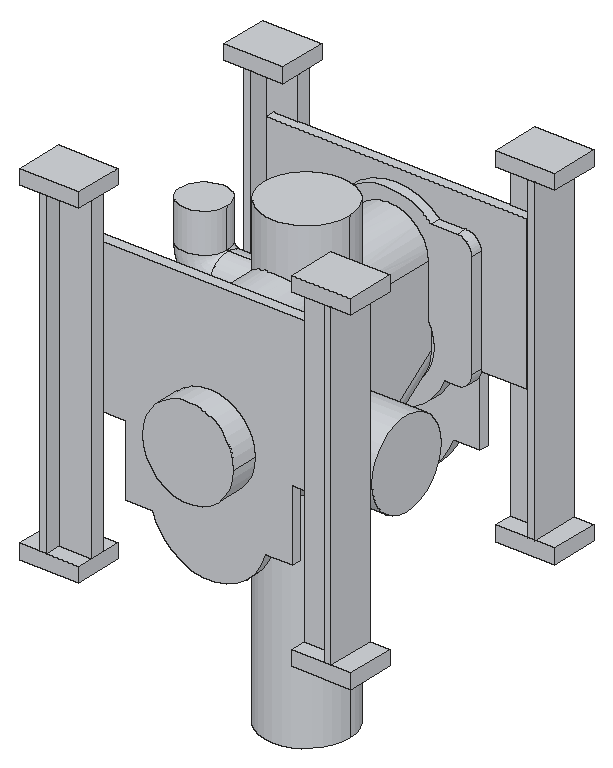
Revit family
Parameters (values of type "MC-13D")
  Weaste Main Pipe Rad = 0' - 2"
  Vent Rad = 0' - 1"
  Model = "MC-13D"
  Manufacturer = "MIFAB"
  Nipple Rad = 0' - 2"
  Description = "Back to back, vertical, adjustable Fixture Carrier with two side inlets"
Reference planes (in)
  plane 1 "Center (Front/Back)": y = 0
  plane 2: z = 0
  plane 3 "Center (Left/Right)": x = 0
Forms (in)
  Extrusion 1, solid
    sketch origin (0, -5.91568, 0) x (1, 0, 0) y (0, 0, 1)
      loop
        line (6.63345, 22.82051) -> (-6.64634, 22.82022) -> (-6.64616, 15.01391) -> (-4.24595, 15.01396) -> (-4.24587, 11.37623) -> (-2.88664, 11.37623)
        arc (-2.88664, 11.37623) -> (0, 9.1931) -> (2.88664, 11.37623) r 3
        line (2.88664, 11.37623) -> (4.24616, 11.37623) -> (4.24608, 15.01415) -> (6.63327, 15.0142) -> (6.63345, 22.82051)
    from -0.16282 to 0.30153
  Extrusion 2, solid
    sketch origin (-36.92803, -23.55202, 18.5) x (-1, 0, 0) y (0, -1, 0)
      loop
        line (-28.46629, -31.29199) -> (-28.46629, -28.82652) -> (-31.47954, -28.82652) -> (-31.47954, -31.29199) -> (-28.46629, -31.29199)
      loop
        line (-45.38977, -31.29199) -> (-42.37652, -31.29199) -> (-42.37652, -28.82652) -> (-45.38977, -28.82652) -> (-45.38977, -31.29199)
      loop
        line (-28.46629, -15.81205) -> (-31.47954, -15.81205) -> (-31.47954, -18.27752) -> (-28.46629, -18.27752) -> (-28.46629, -15.81205)
      loop
        line (-45.38977, -15.81205) -> (-45.38977, -18.27752) -> (-42.37652, -18.27752) -> (-42.37652, -15.81205) -> (-45.38977, -15.81205)
    from 6.46677 to 7.21344
  Extrusion 3, solid
    sketch origin (0, 0, 0) x (1, 0, 0) y (0, 1, 0)
      loop
        circle (0, 0) r 2.19
    from 0 to 23.91483
  Extrusion 4, solid
    sketch origin (0, 0.19136, 0) x (1, 0, 0) y (0, 0, 1)
      loop
        arc (-4.37657, 15.0775) -> (-4.1569, 14.54717) -> (-3.62657, 14.3275) r 0.75
        line (-3.62657, 14.3275) -> (-2.98048, 14.3275)
        arc (-2.98048, 14.3275) -> (-0.04587, 12.28488) -> (2.88874, 14.3275) r 3.12937
        line (2.88874, 14.3275) -> (3.53484, 14.3275)
        arc (3.53484, 14.3275) -> (4.06517, 14.54717) -> (4.28484, 15.0775) r 0.75
        line (4.28484, 15.0775) -> (4.28484, 20.48695)
        arc (4.28484, 20.48695) -> (4.06517, 21.01728) -> (3.53484, 21.23695) r 0.75
        line (3.53484, 21.23695) -> (2.17659, 21.23695)
        arc (2.17659, 21.23695) -> (-0.07165, 22.17493) -> (-2.3199, 21.23695) r 3.1634
        line (-2.3199, 21.23695) -> (-3.54072, 21.23695)
        arc (-3.54072, 21.23695) -> (-4.13176, 20.99214) -> (-4.37657, 20.4011) r 0.83585
        line (-4.37657, 20.4011) -> (-4.37657, 15.0775)
      loop
        circle (0, 15.62459) r 2.35891
    from 5.39422 to 5.94422
  SweptBlend 5, solid
    path origin (0, -5.39422, 0) x (1, 0, 0) y (0, -1, 0)
      loop
        line (0, 0) -> (0, -5.94422)
    profile origin (0, -5.39422, 0) x (-1, 0, 0) y (0, 0, 1)
      loop
        line (2.0165, 15.27451) -> (2.0165, 19.46746)
        arc (2.0165, 19.46746) -> (0, 21.48396) -> (-2.0165, 19.46746) r 2.0165
        line (-2.0165, 19.46746) -> (-2.0165, 15.27451)
        arc (-2.0165, 15.27451) -> (0, 13.25802) -> (2.0165, 15.27451) r 2.0165
    end profile origin (0, 0.55, 0) x (-1, 0, 0) y (0, 0, 1)
      loop
        arc (2.0165, 19.47319) -> (0, 21.48969) -> (-2.0165, 19.47319) r 2.0165
        line (-2.0165, 19.47319) -> (-2.0165, 11.78179)
        arc (-2.0165, 11.78179) -> (0, 9.7653) -> (2.0165, 11.78179) r 2.0165
        line (2.0165, 11.78179) -> (2.0165, 19.47319)
  Extrusion 6, solid
    sketch origin (0, 0, 0) x (-1, 0, 0) y (0, -1, 0)
      loop
        line (-7.43511, -5.2745) -> (-7.43511, -7.73997) -> (-7.08887, -7.73997) -> (-7.08887, -6.94186) -> (-5.44849, -6.94186) -> (-5.44849, -6.21866) -> (-7.08887, -6.21866) -> (-7.08887, -5.2745) -> (-7.43511, -5.2745)
      loop
        line (7.43511, -5.2745) -> (7.08887, -5.2745) -> (7.08887, -6.21866) -> (5.44849, -6.21866) -> (5.44849, -6.94186) -> (7.08887, -6.94186) -> (7.08887, -7.73997) -> (7.43511, -7.73997) -> (7.43511, -5.2745)
      loop
        line (-7.43511, 5.2745) -> (-7.08887, 5.2745) -> (-7.08887, 6.21866) -> (-5.44849, 6.21866) -> (-5.44849, 6.94186) -> (-7.08887, 6.94186) -> (-7.08887, 7.73997) -> (-7.43511, 7.73997) -> (-7.43511, 5.2745)
      loop
        line (7.43511, 5.2745) -> (7.43511, 7.73997) -> (7.08887, 7.73997) -> (7.08887, 6.94186) -> (5.44849, 6.94186) -> (5.44849, 6.21866) -> (7.08887, 6.21866) -> (7.08887, 5.2745) -> (7.43511, 5.2745)
    from 8.5851 to 24.96677
  Extrusion 7, solid
    sketch origin (-36.92803, 23.55202, 1.37167) x (-1, 0, 0) y (0, -1, 0)
      loop
        line (-28.46629, 15.81205) -> (-28.46629, 18.27752) -> (-31.47954, 18.27752) -> (-31.47954, 15.81205) -> (-28.46629, 15.81205)
      loop
        line (-45.38977, 15.81205) -> (-42.37652, 15.81205) -> (-42.37652, 18.27752) -> (-45.38977, 18.27752) -> (-45.38977, 15.81205)
      loop
        line (-28.46629, 31.29199) -> (-31.47954, 31.29199) -> (-31.47954, 28.82652) -> (-28.46629, 28.82652) -> (-28.46629, 31.29199)
      loop
        line (-45.38977, 31.29199) -> (-45.38977, 28.82652) -> (-42.37652, 28.82652) -> (-42.37652, 31.29199) -> (-45.38977, 31.29199)
    from 6.46677 to 7.21344
  Extrusion 8, solid
    sketch origin (0, 0, 0) x (1, 0, 0) y (0, 0, -1)
      loop
        circle (0, -15.62459) r 2.3265
    from 6.21721 to 7.5669
  Extrusion 9, solid
    sketch origin (0, 0, 0) x (0, 1, 0) y (0, 0, 1)
      loop
        circle (0, 13.58674) r 2.19
    from -5.1015 to 5.0885
  Sweep 10, solid
    path origin (0, 0, 0) x (1, 0, 0) y (0, 0, 1)
      loop
        line (-5.2624, 22.16536) -> (-5.2624, 20.16536)
        arc (-5.2624, 20.16536) -> (-4.89629, 19.28147) -> (-4.0124, 18.91536) r 1.25
        line (-4.0124, 18.91536) -> (-1.65457, 18.91536)
    profile origin (-5.2624, 0, 21.16536) x (0, -1, 0) y (1, 0, 0)
      loop
        circle (0, 0) r 1.2
  Extrusion 11, solid
    sketch origin (0, 0, 0) x (1, 0, 0) y (0, 0, 1)
      loop
        circle (0, 15.62459) r 2.3265
    from 6.21721 to 7.5669
  Extrusion 12, solid
    sketch origin (0, 5.91568, 0) x (1, 0, 0) y (0, 0, -1)
      loop
        line (-6.64634, -22.82022) -> (6.63345, -22.82051) -> (6.63327, -15.0142) -> (4.24608, -15.01415) -> (4.24616, -11.37623) -> (2.88664, -11.37623)
        arc (2.88664, -11.37623) -> (0, -9.1931) -> (-2.88664, -11.37623) r 3
        line (-2.88664, -11.37623) -> (-4.24587, -11.37623) -> (-4.24595, -15.01396) -> (-6.64616, -15.01391) -> (-6.64634, -22.82022)
    from -0.16282 to 0.30153
  Extrusion 13, solid
    sketch origin (0, -0.19136, 0) x (1, 0, 0) y (0, 0, -1)
      loop
        line (-4.37657, -15.0775) -> (-4.37657, -20.4011)
        arc (-4.37657, -20.4011) -> (-4.13176, -20.99214) -> (-3.54072, -21.23695) r 0.83585
        line (-3.54072, -21.23695) -> (-2.3199, -21.23695)
        arc (-2.3199, -21.23695) -> (-0.07165, -22.17493) -> (2.17659, -21.23695) r 3.1634
        line (2.17659, -21.23695) -> (3.53484, -21.23695)
        arc (3.53484, -21.23695) -> (4.06517, -21.01728) -> (4.28484, -20.48695) r 0.75
        line (4.28484, -20.48695) -> (4.28484, -15.0775)
        arc (4.28484, -15.0775) -> (4.06517, -14.54717) -> (3.53484, -14.3275) r 0.75
        line (3.53484, -14.3275) -> (2.88874, -14.3275)
        arc (2.88874, -14.3275) -> (-0.04587, -12.28488) -> (-2.98048, -14.3275) r 3.12937
        line (-2.98048, -14.3275) -> (-3.62657, -14.3275)
        arc (-3.62657, -14.3275) -> (-4.1569, -14.54717) -> (-4.37657, -15.0775) r 0.75
      loop
        circle (0, -15.62459) r 2.35891
    from 5.39422 to 5.94422
  SweptBlend 14, solid
    path origin (0, 6.49422, 0) x (1, 0, 0) y (0, 1, 0)
      loop
        line (0, -1.1) -> (0, -5.94422)
    profile origin (0, 5.39422, 0) x (1, 0, 0) y (0, 0, 1)
      loop
        arc (-2.0165, 15.27451) -> (0, 13.25802) -> (2.0165, 15.27451) r 2.0165
        line (2.0165, 15.27451) -> (2.0165, 19.46746)
        arc (2.0165, 19.46746) -> (0, 21.48396) -> (-2.0165, 19.46746) r 2.0165
        line (-2.0165, 19.46746) -> (-2.0165, 15.27451)
    end profile origin (0, 0.55, 0) x (1, 0, 0) y (0, 0, 1)
      loop
        line (-2.0165, 19.47319) -> (-2.0165, 11.78179)
        arc (-2.0165, 11.78179) -> (0, 9.7653) -> (2.0165, 11.78179) r 2.0165
        line (2.0165, 11.78179) -> (2.0165, 19.47319)
        arc (2.0165, 19.47319) -> (0, 21.48969) -> (-2.0165, 19.47319) r 2.0165
Cuts and joins
  joined: Extrusion 3, Extrusion 4, SweptBlend 5, Extrusion 9, Sweep 10, Extrusion 13, SweptBlend 14
Dimensions and locks (in)
  aligned and locked: Extrusion 8 to Extrusion 12
  aligned and locked: Extrusion 11 to Extrusion 1
Connectors (in)
  piping at (0, 0, 23.91483), driven by "Weaste Main Pipe Rad"
    settings: on Extrusion 3, index 1
  piping at (0, 0, 0), driven by "Weaste Main Pipe Rad"
    settings: on Extrusion 3, index 2
  piping at (0, -7.5669, 15.62459), driven by "Nipple Rad"
    settings: on Extrusion 11, index 3
  piping at (0, 7.5669, 15.62459), driven by "Nipple Rad"
    settings: on Extrusion 8, index 4
  piping at (-5.1015, 0, 13.58674), driven by "Weaste Main Pipe Rad"
    settings: on Extrusion 9, index 5
  piping at (5.0885, 0, 13.58674), driven by "Weaste Main Pipe Rad"
    settings: on Extrusion 9, index 6
  piping at (-5.2624, 0, 22.16536), driven by "Vent Rad"
    settings: on Sweep 10, index 7
